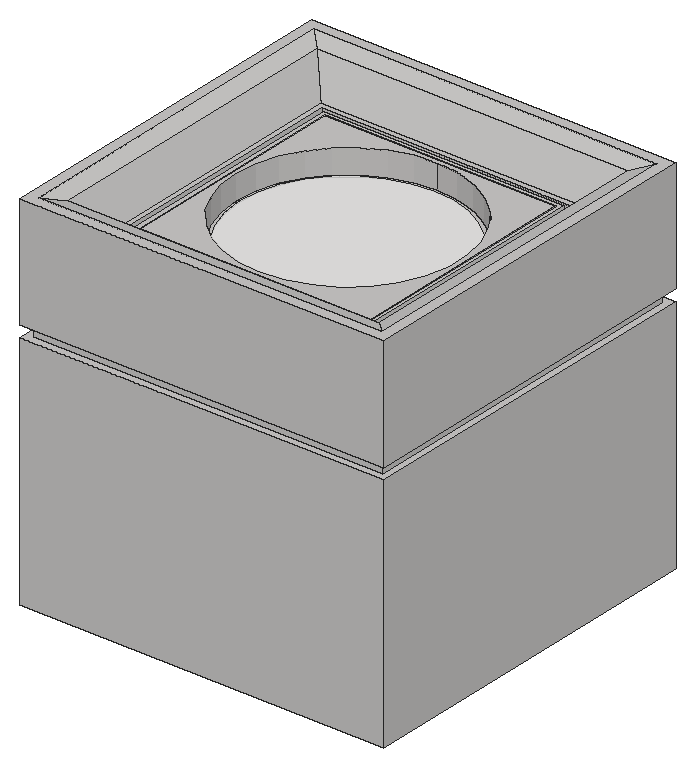
Revit family "Lighting-Luminii-Leto_44_S_SML new", category Lighting Fixtures, host Face, Revit 2020
Family settings
  Host = Face
  Round Connector Dimension = Use Diameter
  Part Type = Normal
  OmniClass Number = 23.80.70.11.14.11
  OmniClass Title = Downlights
  Cut with Voids When Loaded = No
  Light Source = Yes
  Shared = Yes
  Room Calculation Point = No
Parameters (values of type "Leto 44 S SML")
  Width = 0' - 3 189/256"  # constant formula
  Wattage Comments = "6.5W"
  Wattage = 6.49954 W
  Warranty URL = "https://www.luminii.com/terms-conditions/"
  built-in parameter 1150110 = 1 (stored number, unit not read)
  Voltage Comments = "120V | 277V | 347V"  # constant formula
  Voltage = 120 V
  Version = "2020 - v1.0a"  # constant formula
  URL = "https://www.luminii.com/"
  built-in parameter 1114217 = 1 (stored number, unit not read)
  Tilt Angle = -90.00°  # constant formula
  built-in parameter 1150109 = 1 (stored number, unit not read)
  built-in parameter 1150134 = (empty or 0)
  built-in parameter 1150113 = 1 (stored number, unit not read)
  Support Phone = "224-699-9545"  # constant formula
  Support Email = "mailto:support@bimsmith.com"
  Product Page URL = "https://www.luminii.com/product/leto-44-s-sml/"
  Power Source Type = "Driver"  # constant formula
  Power Factor = 1
  Photometric Web File = "703-A90-610-35-07-00.ies"
  Phase = 1
  Operating Temperature = "Consult Manufacturer Website for more Information"  # constant formula
  Number of Poles = if(and(or(Voltage = 120 V, Voltage = 277 V), Phase = 1), 1, if(and(or(Voltage = 208 V, Voltage = 240 V), Phase = 1), 2, if(and(or(Voltage = 208 V, Voltage = 240 V), Phase = 3), 3, if(and(Voltage > 300 V, Phase = 1), 2, if(and(Voltage > 400 V, Phase = 3), 3, 1)))))  # 1
  Mounting Method = "Ceiling Mount"  # constant formula
  Model = "703"  # constant formula
  Manufacturer Phone Number = "403-216-7043"  # constant formula
  Manufacturer Email = "mailto: info@sensolighting.com"
  Manufacturer Address = "302 50 Ave SE. Calgary, Alberta, T2G 2A9 Canada"  # constant formula
  Manufacturer = "Luminii"  # constant formula
  built-in parameter 1150105 = 55.704 (stored number, unit not read)
  Lumens = 700 lm
  Luminaire Type = "Surface Mount LED Downlight"  # constant formula
  built-in parameter 1150115 = 1 (stored number, unit not read)
  Load Classification = Lighting
  built-in parameter 1150137 = (empty or 0)
  built-in parameter 1150139 = (empty or 0)
  Lens Material = Plastic - Luminii - Frosted Lens
  built-in parameter 1150112 = 1 (stored number, unit not read)
  built-in parameter 1150114 = 1 (stored number, unit not read)
  Lamp Life = 1
  Lamp = "LED"  # constant formula
  Keynote = "26 50 00"
  built-in parameter 1150132 = 2
  built-in parameter 1150102 = (empty or 0)
  built-in parameter 1150107 = 3500 (stored number, unit not read)
  Initial Color Comments = "Perfomance based on 3500K Photometric Web File"  # constant formula
  built-in parameter 1150138 = (empty or 0)
  built-in parameter 1150106 = 0.55704 (stored number, unit not read)
  Housing Protection Rating = "Consult Manufacturer Website for more Information"  # constant formula
  Height = 0' - 3 189/256"  # constant formula
  Has Dimming = 1 = 1  # yes
  Has Battery Backup = 0 = 1  # no
  Frequency Comments = ""  # constant formula
  Frequency = 60 Hz
  Finish = Metal - Luminii - Silver Anodized Aluminum
  Environment = "Indoor"  # constant formula
  built-in parameter 1150104 = 10.006 (stored number, unit not read)
  Dimming Type = "Consult Manufacturer Website for more Information"  # constant formula
  Dimming Lamp Color Temperature Shift = <None>
  Description = "Surface Mount LED Downlight"  # constant formula
  Depth = 0' - 3 189/256"  # constant formula
  Default Elevation = 0' - 0"  # constant formula
  Current Amps = 50 A
  Copyright = "©2024 Luminii"  # constant formula
  Control Zone = "Consult Manufacturer Website for more Information"  # constant formula
  Control Type = "Consult Manufacturer Website for more Information"  # constant formula
  Constraints = 1  # constant formula
  Color Filter = 16777215
  built-in parameter 1114216 [instance] = 0  # (empty or 0)
  Canopy Finish = Metal - Luminii - Silver Anodized Aluminum
  built-in parameter 1140040 [instance] = 1 = 1  # 1
  CCT = "3500K"
  C Canopy Offset [instance] = 0' - 2 9/32"  # constant formula
  built-in parameter 1114218 = 1 (stored number, unit not read)
  built-in parameter 1150133 = 10 (stored number, unit not read)
  Assembly Code = "D5020200"
  Apparent Load = Wattage / Power Factor  # 6.49954 VA
Reference planes (in)
  plane 1 "Center (Front/Back)": y = 0
  plane 2: z = 0
  plane 3 "Center (Left/Right)": x = 0
  plane 4: x = 0
  plane 5: x = 0
  plane 6: y = 1.86914
  plane 7: y = -1.86914
  plane 8 "A": z = 0
  plane 9: z = 3.73828
Forms (in)
  Extrusion 1, solid, material "Metal - Luminii - Silver Anodized Aluminum", not visible
    sketch origin (0, 0, 0) x (1, 0, 0) y (0, 1, 0)
      loop
        circle (0, 0) r 0.5
    from 0 to -0.17225
Dimensions and locks (in)
  equal spacing: plane 4, plane 3 "Center (Left/Right)", plane 5
  equal spacing: plane 6, plane 1 "Center (Front/Back)", plane 7
  plane 4 to plane 5 = 0' - 0"
  "Width": plane 6 to plane 7
  "Height": plane 9 to plane 8 "A"
  locked: plane 9 to imposter light at 0.57739
  aligned and locked: plane 2 to host face
  aligned and locked: plane 3 "Center (Left/Right)" to Extrusion 1 sketch curve
  aligned and locked: plane 1 "Center (Front/Back)" to Extrusion 1 sketch curve
  aligned and locked: plane 2 to Extrusion 1  (x2)
  aligned and locked: imposter light to plane 3 "Center (Left/Right)"
  aligned and locked: imposter light to plane 1 "Center (Front/Back)"
  aligned and locked: plane 3 "Center (Left/Right)" to nested 1
  aligned and locked: plane 1 "Center (Front/Back)" to nested 1
Automatic sketch dimensions
  host sketch curve to host sketch curve = 8' - 0"  (x2)
  radius of Extrusion 1 sketch curve = 0' - 0 1/2"
Nested families (in)
  nested 1: "Nested - Lamp" at (0, 0, 0), type "Nested - Lamp"
Connectors (in)
  electrical at (0, 0, 0), driven by "Number of Poles", driven by "Load Classification", driven by "Voltage", driven by "Apparent Load", driven by "Power Factor"
    settings: on Extrusion 1, index 1, voltage 120 V, apparent load 6.49954 VA, apparent load phase1 0 VA, apparent load phase2 0 VA, apparent load phase3 0 VA, power factor 1, load classification "Lighting", number of poles 1, system type 30, power factor state 1, is connector primary yes, connector utility no, sub classification motor no, connector description "Power Connection"
Definition of nested family "Nested - Lamp"
  Parameters (values of type "Nested - Lamp")
    Width = 0' - 3.74016"  # constant formula
    Screen Material = none
    Inner Screen = none
    Height = 0' - 6.49606"  # constant formula
    Finish = none
    Default Elevation = 4' - 0"
    Constraint = 3
  Reference planes (in)
    plane 1 "Center (Front/Back)": y = 0
    plane 2: z = 0
    plane 3 "Center (Left/Right)": x = 0
    plane 4: y = 1.87008
    plane 5: y = -1.87008
    plane 6: x = -1.87008
    plane 7: x = 1.87008
  Forms (in)
    Extrusion 1, solid
      sketch origin (0, 0, 0) x (1, 0, 0) y (0, 1, 0)
        loop
          line (-48, 48) -> (-48, -48) -> (48, -48) -> (48, 48) -> (-48, 48)
      from 0 to -12
    Sweep 2, solid, material <- "Finish", detail levels medium+fine
      path origin (-0.03362, 1.25, 6.49606) x (0, 1, 0) y (-1, 0, 0)
        loop
          line (0.62008, -1.9037) -> (0.62008, 1.83645) -> (-3.12008, 1.83645) -> (-3.12008, -1.9037) -> (0.62008, -1.9037)
      profile origin (1.87008, 0, 6.49606) x (1, 0, 0) y (0, 0, 1)
        loop
          line (0, -6.49606) -> (0, -4.03543) -> (-0.07874, -4.03543) -> (-0.07874, -3.91732) -> (0, -3.91732) -> (0, -2.75591) -> (-0.10635, -2.75591) -> (-0.27543, -2.80657) -> (-0.47227, -3.14961) -> (-0.53051, -3.14961) -> (-0.54899, -3.3608)
          arc (-0.54899, -3.3608) -> (-0.57675, -3.3821) -> (-0.60039, -3.3563) r 0.0259
          line (-0.60039, -3.3563) -> (-0.63719, -3.09449) -> (-0.68091, -3.09449) -> (-0.72263, -3.1105) -> (-0.72263, -3.55097) -> (-0.21654, -3.55097) -> (-0.21654, -6.29921) -> (-0.07874, -6.29921) -> (-0.07874, -6.49606) -> (0, -6.49606)
    Extrusion 3, solid, material <- "Screen Material"
      sketch origin (0, 0, 3.00394) x (1, 0, 0) y (0, 1, 0)
        loop
          circle (0, 0) r 1.10584
      from 0.14567 to 0.15757
    Extrusion 4, solid, material <- "Finish"
      sketch origin (1.59205, 1.59205, 3.63189) x (0, -1, 0) y (1, 0, 0)
        loop
          circle (1.59205, -1.59205) r 1.14745
        loop
          line (2.78122, -2.78122) -> (2.78122, -0.40289) -> (0.40289, -0.40289) -> (0.40289, -2.78122) -> (2.78122, -2.78122)
      from -0.48228 to -0.23031
    Extrusion 5, solid, material <- "Finish"
      sketch origin (1.59205, 1.59205, 3.63189) x (0, -1, 0) y (1, 0, 0)
        loop
          circle (1.59205, -1.59205) r 1.14745
      from -0.48228 to -0.62795
    Extrusion 6, solid, material <- "Finish"
      sketch origin (-0.03362, 1.25, 8.28705) x (0, 1, 0) y (-1, 0, 0)
        loop
          line (-3.06102, -1.84465) -> (0.56102, -1.84465) -> (0.56102, 1.7774) -> (-3.06102, 1.7774) -> (-3.06102, -1.84465)
        loop
          line (-2.4311, -0.30922) -> (-1.84055, -0.30922)
          arc (-1.84055, -0.30922) -> (-1.61784, -0.40147) -> (-1.52559, -0.62418) r 0.31496
          line (-1.52559, -0.62418) -> (-1.52559, -1.21473)
          arc (-1.52559, -1.21473) -> (-1.25, -1.49032) -> (-0.97441, -1.21473) r 0.27559
          line (-0.97441, -1.21473) -> (-0.97441, -0.62418)
          arc (-0.97441, -0.62418) -> (-0.88216, -0.40147) -> (-0.65945, -0.30922) r 0.31496
          line (-0.65945, -0.30922) -> (-0.0689, -0.30922)
          arc (-0.0689, -0.30922) -> (0.20669, -0.03362) -> (-0.0689, 0.24197) r 0.27559
          line (-0.0689, 0.24197) -> (-0.65945, 0.24197)
          arc (-0.65945, 0.24197) -> (-0.88216, 0.33422) -> (-0.97441, 0.55693) r 0.31496
          line (-0.97441, 0.55693) -> (-0.97441, 1.14748)
          arc (-0.97441, 1.14748) -> (-1.25, 1.42307) -> (-1.52559, 1.14748) r 0.27559
          line (-1.52559, 1.14748) -> (-1.52559, 0.55693)
          arc (-1.52559, 0.55693) -> (-1.61784, 0.33422) -> (-1.84055, 0.24197) r 0.31496
          line (-1.84055, 0.24197) -> (-2.4311, 0.24197)
          arc (-2.4311, 0.24197) -> (-2.70669, -0.03362) -> (-2.4311, -0.30922) r 0.27559
      from -8.1649 to -8.0902
    Extrusion 7, solid, material <- "Finish"
      sketch origin (-0.03362, 1.25, 8.28705) x (0, 1, 0) y (-1, 0, 0)
        loop
          line (-3.06102, -1.84465) -> (0.56102, -1.84465) -> (0.56102, 1.7774) -> (-3.06102, 1.7774) -> (-3.06102, -1.84465)
        loop
          arc (-0.48507, -0.44078) -> (-0.38346, -0.03362) -> (-0.48507, 0.37353) r 0.86654
          arc (-0.48507, 0.37353) -> (-0.58858, 0.40015) -> (-0.62431, 0.29942) r 0.07918
          arc (-0.62431, 0.29942) -> (-0.5412, -0.03362) -> (-0.62431, -0.36667) r 0.7088
          arc (-0.62431, -0.36667) -> (-0.58858, -0.4674) -> (-0.48507, -0.44078) r 0.07918
        loop
          arc (-2.01493, -0.44078) -> (-1.91142, -0.4674) -> (-1.87569, -0.36667) r 0.07918
          arc (-1.87569, -0.36667) -> (-1.9588, -0.03362) -> (-1.87569, 0.29942) r 0.7088
          arc (-1.87569, 0.29942) -> (-1.91142, 0.40015) -> (-2.01493, 0.37353) r 0.07918
          arc (-2.01493, 0.37353) -> (-2.11654, -0.03362) -> (-2.01493, -0.44078) r 0.86654
        loop
          arc (-1.65716, 0.73131) -> (-1.68378, 0.62779) -> (-1.58304, 0.59206) r 0.07918
          arc (-1.58304, 0.59206) -> (-1.25, 0.67518) -> (-0.91696, 0.59206) r 0.7088
          arc (-0.91696, 0.59206) -> (-0.81622, 0.62779) -> (-0.84284, 0.73131) r 0.07918
          arc (-0.84284, 0.73131) -> (-1.25, 0.83292) -> (-1.65716, 0.73131) r 0.86654
        loop
          arc (-1.65716, -0.79856) -> (-1.25, -0.90017) -> (-0.84284, -0.79856) r 0.86654
          arc (-0.84284, -0.79856) -> (-0.81622, -0.69504) -> (-0.91696, -0.65931) r 0.07918
          arc (-0.91696, -0.65931) -> (-1.25, -0.74243) -> (-1.58304, -0.65931) r 0.7088
          arc (-1.58304, -0.65931) -> (-1.68378, -0.69504) -> (-1.65716, -0.79856) r 0.07918
      from -7.77524 to -7.71544
    Sweep 8, solid, material <- "Finish", detail levels coarse
      path origin (-0.03362, 1.25, 6.49606) x (0, 1, 0) y (-1, 0, 0)
        loop
          line (0.62008, -1.9037) -> (0.62008, 1.83645) -> (-3.12008, 1.83645) -> (-3.12008, -1.9037) -> (0.62008, -1.9037)
      profile origin (1.87008, 0, 6.49606) x (1, 0, 0) y (0, 0, 1)
        loop
          line (0, -6.49606) -> (0, -2.75591) -> (-0.10635, -2.75591) -> (-0.68091, -2.92809) -> (-0.68091, -3.55097) -> (-0.21654, -3.55097) -> (-0.21654, -6.29921) -> (-0.07874, -6.29921) -> (-0.07874, -6.49606) -> (0, -6.49606)
  Lines and regions (in)
    reference lines
      curve 1: line (0, 0.09432, 3.27559) -> (0, -0.10491, 3.27559)
  Dimensions and locks (in)
    equal spacing: plane 4, plane 1 "Center (Front/Back)", plane 5
    "Width": plane 4 to plane 5
    equal spacing: plane 6, plane 3 "Center (Left/Right)", plane 7
    "Width": plane 6 to plane 7
    aligned and locked: plane 2 to Extrusion 1
    aligned and locked: level to Extrusion 1
    aligned and locked: Sweep 2 sketch curve to plane 7
    aligned and locked: plane 6 to Sweep 2 sketch curve
    aligned and locked: Sweep 2 sketch curve to plane 4
    aligned and locked: plane 5 to Sweep 2 sketch curve
  Automatic sketch dimensions
    Extrusion 1 sketch curve to Extrusion 1 sketch curve = 8' - 0"  (x2)
    profile plane to Sweep 2 sketch curve = 0' - 0"  (x2)
    Sweep 2 sketch curve to Sweep 2 sketch curve = 0' - 0.07874"  (x2)
    profile plane to Sweep 2 sketch curve = 0' - 0.21654"
    profile plane to Sweep 2 sketch curve = 0' - 0.27543"
    Sweep 2 sketch curve to Sweep 2 sketch curve = 0' - 0.19684"
    Sweep 2 sketch curve to Sweep 2 sketch curve = 0' - 0.05825"
    Sweep 2 sketch curve to Sweep 2 sketch curve = 0' - 0.01848"
    Sweep 2 sketch curve to Sweep 2 sketch curve = 0' - 0.0255"
    Sweep 2 sketch curve to Sweep 2 sketch curve = 0' - 0.0259"
    Sweep 2 sketch curve to Sweep 2 sketch curve = 0' - 0.10667"
    Sweep 2 sketch curve to Sweep 2 sketch curve = 0' - 0.04373"
    Sweep 2 sketch curve to Sweep 2 sketch curve = 0' - 0.12224"
    Sweep 2 sketch curve to profile plane = 0' - 6.49606"
    Sweep 2 sketch curve to Sweep 2 sketch curve = 0' - 0.19685"
    Sweep 2 sketch curve to Sweep 2 sketch curve = 0' - 2.26378"
    Sweep 2 sketch curve to Sweep 2 sketch curve = 0' - 0.11811"
    Sweep 2 sketch curve to Sweep 2 sketch curve = 0' - 0.36636"
    Sweep 2 sketch curve to Sweep 2 sketch curve = 0' - 0.19017"
    Sweep 2 sketch curve to Sweep 2 sketch curve = 0' - 0.21119"
    Sweep 2 sketch curve to Sweep 2 sketch curve = 0' - 0.0391"
    Sweep 2 sketch curve to Sweep 2 sketch curve = 0' - 0.01601"
    Sweep 2 sketch curve to Sweep 2 sketch curve = 0' - 0.34303"
    Sweep 2 sketch curve to Sweep 2 sketch curve = 0' - 0.05067"
    Sweep 2 sketch curve to Sweep 2 sketch curve = 0' - 0.10635"
    Extrusion 6 sketch curve to plane 3 "Center (Left/Right)" = 0' - 0"  (x2)
    plane 1 "Center (Front/Back)" to Extrusion 6 sketch curve = 0' - 0"  (x2)
    plane 1 "Center (Front/Back)" to Extrusion 6 sketch curve = 0' - 0.27559"  (x2)
    Extrusion 6 sketch curve to Extrusion 6 sketch curve = 0' - 0.31496"  (x4)
    plane 3 "Center (Left/Right)" to Extrusion 6 sketch curve = 0' - 0.27559"
    Extrusion 6 sketch curve to Extrusion 6 sketch curve = 0' - 0.59055"  (x4)
    Extrusion 6 sketch curve to plane 5 = 0' - 0.05906"
    Extrusion 6 sketch curve to plane 3 "Center (Left/Right)" = 0' - 0.27559"
    Extrusion 6 sketch curve to plane 4 = 0' - 0.05906"
    Extrusion 6 sketch curve to plane 7 = 0' - 0.05906"
    Extrusion 6 sketch curve to plane 6 = 0' - 0.05906"
    Extrusion 7 sketch curve to Extrusion 7 sketch curve = 0' - 0"  (x58)
    plane 1 "Center (Front/Back)" to Extrusion 7 sketch curve = 0' - 0"
    Extrusion 7 sketch curve to plane 3 "Center (Left/Right)" = 0' - 0"
    plane 1 "Center (Front/Back)" to Extrusion 7 sketch curve = 0' - 0.36388"  (x2)
    Extrusion 7 sketch curve to Extrusion 7 sketch curve = 0' - 0.33475"  (x8)
    Extrusion 7 sketch curve to plane 5 = 0' - 0.05906"
    Extrusion 7 sketch curve to plane 1 "Center (Front/Back)" = 0' - 0.36388"  (x2)
    plane 3 "Center (Left/Right)" to Extrusion 7 sketch curve = 0' - 0.36388"  (x2)
    Extrusion 7 sketch curve to plane 4 = 0' - 0.05906"
    Extrusion 7 sketch curve to plane 7 = 0' - 0.05906"
    Extrusion 7 sketch curve to plane 3 "Center (Left/Right)" = 0' - 0.36388"  (x2)
    Extrusion 7 sketch curve to plane 6 = 0' - 0.05906"
    Extrusion 7 sketch curve to Extrusion 7 sketch curve = 0' - 0.03084"  (x4)
    Extrusion 7 sketch curve to Extrusion 7 sketch curve = 0' - 0.04328"  (x4)
    Extrusion 7 sketch curve to Extrusion 7 sketch curve = 0' - 0.07293"  (x6)
    Extrusion 7 sketch curve to Extrusion 7 sketch curve = 0' - 0.06631"  (x2)
    plane 5 to Sweep 8 sketch curve = 0' - 0"
    Sweep 8 sketch curve to plane 4 = 0' - 0"
    Sweep 8 sketch curve to plane 7 = 0' - 0"
    Sweep 8 sketch curve to plane 6 = 0' - 0"
    profile plane to Sweep 8 sketch curve = 0' - 0"
    profile plane to Sweep 8 sketch curve = 0' - 0.07874"
    Sweep 8 sketch curve to Sweep 8 sketch curve = 0' - 0.1378"
    profile plane to Sweep 8 sketch curve = 0' - 0.68091"
    Sweep 8 sketch curve to profile plane = 0' - 6.49606"
    Sweep 8 sketch curve to Sweep 8 sketch curve = 0' - 0.19685"
    Sweep 8 sketch curve to Sweep 8 sketch curve = 0' - 2.74825"
    Sweep 8 sketch curve to Sweep 8 sketch curve = 0' - 0.62288"
    Sweep 8 sketch curve to Sweep 8 sketch curve = 0' - 0.17218"
    Sweep 8 sketch curve to Sweep 8 sketch curve = 0' - 0.10635"
    plane 1 "Center (Front/Back)" to curve 1 = 0' - 0.10491"
    level to curve 1 = 0' - 3.27559"
    curve 1 to plane 1 "Center (Front/Back)" = 0' - 0.09432"
    plane 1 "Center (Front/Back)" to Extrusion 3 sketch curve = 0' - 0"
    Extrusion 3 sketch curve to plane 3 "Center (Left/Right)" = 0' - 0"
    plane 1 "Center (Front/Back)" to Extrusion 4 sketch curve = 0' - 0"
    Extrusion 4 sketch curve to plane 3 "Center (Left/Right)" = 0' - 0"
    Extrusion 4 sketch curve to plane 4 = 0' - 0.68091"
    Extrusion 4 sketch curve to plane 5 = 0' - 0.68091"
    Extrusion 4 sketch curve to plane 6 = 0' - 0.68091"
    Extrusion 4 sketch curve to plane 7 = 0' - 0.68091"
    plane 1 "Center (Front/Back)" to Extrusion 5 sketch curve = 0' - 0"
    Extrusion 5 sketch curve to plane 3 "Center (Left/Right)" = 0' - 0"
    radius of Extrusion 3 sketch curve = 0' - 1.10584"
    radius of Extrusion 4 sketch curve = 0' - 1.14745"
    radius of Extrusion 5 sketch curve = 0' - 1.14745"
